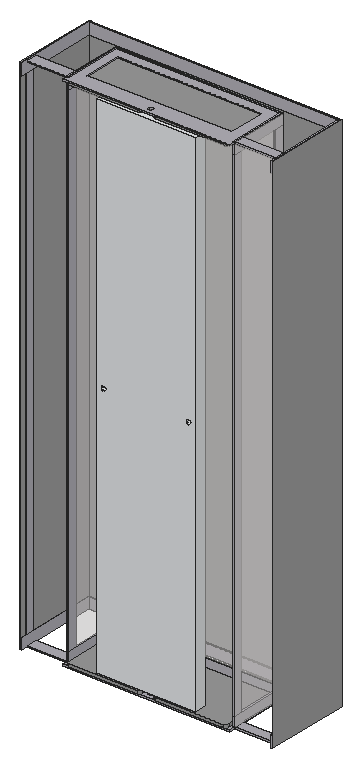
Revit family "Lighting - Lumetta - Sconce - W2093", category Lighting Fixtures, host Wall, Revit 2015
Parameters
  Wattage = 34.1318 W
  W2093 URL [instance] = "https://lumetta.com/luminaires/shadow-box-sconce/"
  built-in parameter 1150110 = 1 (stored number, unit not read)
  URL = "https://lumetta.com/luminaires/shadow-box-sconce/"
  built-in parameter 1114217 = 1 (stored number, unit not read)
  Top Lens-Material [instance] = Acrylic - 2447 - White
  Top Lens [instance] = yes
  built-in parameter 1150109 = 1 (stored number, unit not read)
  built-in parameter 1150134 = (empty or 0)
  built-in parameter 1150113 = 1 (stored number, unit not read)
  Model = "W2093"  # constant formula
  Manufacturer = "Lumetta, Inc."  # constant formula
  Lumens = 5070 lm
  built-in parameter 1150115 = 1 (stored number, unit not read)
  built-in parameter 1150105 = 403.46 (stored number, unit not read)
  Light Source Symbol Size = 0' - 1"
  built-in parameter 1150137 = (empty or 0)
  built-in parameter 1150139 = (empty or 0)
  built-in parameter 1150112 = 1 (stored number, unit not read)
  built-in parameter 1150114 = 1 (stored number, unit not read)
  built-in parameter 1150132 = 2
  built-in parameter 1150102 = (empty or 0)
  built-in parameter 1150138 = (empty or 0)
  built-in parameter 1150107 = 3000 (stored number, unit not read)
  built-in parameter 1150106 = 4.0346 (stored number, unit not read)
  Frame Finish [instance] = Paint - Lumetta - F02 - PC_Chrome
  Emit from Line Length = 1' - 10"
  built-in parameter 1150104 = 13.8 (stored number, unit not read)
  Dimming Lamp Color Temperature Shift = (empty or 0)
  Diffuser Material-Outer [instance] = Shade - Lumetta - D921 - Trans_Cool
  Diffuser Material-Inner [instance] = Shade - Lumetta - D61 - MT_White
  Description = "W2093 Shadow Box Sconce"  # constant formula
  Color Filter = 16777215
  Bottom Lens-Material [instance] = Acrylic - P95 - Etched White
  Bottom Lens [instance] = yes
  built-in parameter 1114218 = 1 (stored number, unit not read)
  built-in parameter 1150133 = 10 (stored number, unit not read)
Reference planes (in)
  plane 1: y = 0
  plane 2 "Light Source Axis (F/B)": y = 4
  plane 3 "Light Source Axis (L/R)": x = -1.43133
  plane 4 "Light Source Elevation": z = 77.42225
  plane 5 "Sconce-BTM": z = 65.42225
  plane 6 "Sconce-TOP": z = 89.42225
  plane 7 "Wall-Face": y = 3.0625
Forms (in)
  Extrusion 1, solid, material "Paint - Lumetta - F11 - PC_White"
    sketch origin (0, 3.0625, 0) x (-1, 0, 0) y (0, 0, 1)
      loop
        line (-0.81867, 89.15225) -> (-0.81867, 65.69225) -> (3.68133, 65.69225) -> (3.68133, 89.15225) -> (-0.81867, 89.15225)
      loop
        circle (3.36883, 77.42225) r 0.11
      loop
        circle (-0.50617, 77.42225) r 0.1111
    from 0 to 0.5
  Extrusion 2, solid, material "Paint - Lumetta - F02 - PC_Chrome" <- "Frame Finish"
    sketch origin (0, 0, 89.42225) x (0, 1, 0) y (-1, 0, 0)
      loop
        line (6.875, 7.11883) -> (6.875, -4.25617) -> (3.0625, -4.25617) -> (3.0625, -4.31867) -> (6.9375, -4.31867) -> (6.9375, 7.18133) -> (3.0625, 7.18133) -> (3.0625, 7.11883) -> (6.875, 7.11883)
      loop
        line (3.3125, 5.24383) -> (3.3125, 5.18133) -> (6, 5.18133) -> (6, -2.31867) -> (3.3125, -2.31867) -> (3.3125, -2.38117) -> (6.0625, -2.38117) -> (6.0625, 5.24383) -> (3.3125, 5.24383)
    from 0 to -0.51153
  Extrusion 3, solid, material "Paint - Lumetta - F02 - PC_Chrome" <- "Frame Finish"
    sketch origin (0, 0, 65.42225) x (0, 1, 0) y (-1, 0, 0)
      loop
        line (6.875, 7.11883) -> (6.875, -4.25617) -> (3.0625, -4.25617) -> (3.0625, -4.31867) -> (6.9375, -4.31867) -> (6.9375, 7.18133) -> (3.0625, 7.18133) -> (3.0625, 7.11883) -> (6.875, 7.11883)
      loop
        line (3.3125, 5.24383) -> (3.3125, 5.18133) -> (6, 5.18133) -> (6, -2.31867) -> (3.3125, -2.31867) -> (3.3125, -2.38117) -> (6.0625, -2.38117) -> (6.0625, 5.24383) -> (3.3125, 5.24383)
    from 0 to 0.5
  Extrusion 4, solid, material "Paint - Lumetta - F02 - PC_Chrome" <- "Frame Finish"
    sketch origin (0, 0, 89.42225) x (0, 1, 0) y (-1, 0, 0)
      loop
        line (3.6875, -4.25617) -> (3.3125, -4.25617) -> (3.3125, -4.31867) -> (3.6875, -4.31867) -> (3.6875, -4.25617)
      loop
        line (3.6875, 7.18133) -> (3.3125, 7.18133) -> (3.3125, 7.11883) -> (3.6875, 7.11883) -> (3.6875, 7.18133)
      loop
        line (6, -2.31867) -> (5.6875, -2.31867) -> (5.6875, -2.38117) -> (6.0625, -2.38117) -> (6.0625, -2.00617) -> (6, -2.00617) -> (6, -2.31867)
      loop
        line (6.0625, 5.24383) -> (5.6875, 5.24383) -> (5.6875, 5.18133) -> (6, 5.18133) -> (6, 4.86883) -> (6.0625, 4.86883) -> (6.0625, 5.24383)
      loop
        line (3.6875, 5.24383) -> (3.3125, 5.24383) -> (3.3125, 5.18133) -> (3.6875, 5.18133) -> (3.6875, 5.24383)
      loop
        line (3.6875, -2.31867) -> (3.3125, -2.31867) -> (3.3125, -2.38117) -> (3.6875, -2.38117) -> (3.6875, -2.31867)
    from -23.5 to -0.51153
  Extrusion 5, solid, material "Paint - Lumetta - F02 - PC_Chrome" <- "Frame Finish"
    sketch origin (0, 0, 89.42225) x (0, 1, 0) y (-1, 0, 0)
      loop
        line (6.0625, 5.24383) -> (3.8125, 5.24383) -> (3.8125, 7.11883) -> (3.3125, 7.11883) -> (3.3125, 5.24383) -> (3.0625, 5.24383) -> (3.0625, -2.38117) -> (3.3125, -2.38117) -> (3.3125, -4.25617) -> (3.8125, -4.25617) -> (3.8125, -2.38117) -> (6.0625, -2.38117) -> (6.0625, 5.24383)
      loop
        line (5.5625, 4.74383) -> (3.8125, 4.74383) -> (3.8125, -1.88117) -> (5.5625, -1.88117) -> (5.5625, 4.74383)
      loop
        circle (3.3125, 1.43133) r 0.106
    from 0 to -0.06123
  Extrusion 6, solid, material "Paint - Lumetta - F02 - PC_Chrome" <- "Frame Finish"
    sketch origin (0, 0, 65.42225) x (0, 1, 0) y (-1, 0, 0)
      loop
        line (6.0625, 5.24383) -> (3.8125, 5.24383) -> (3.8125, 7.11883) -> (3.3125, 7.11883) -> (3.3125, 5.24383) -> (3.0625, 5.24383) -> (3.0625, -2.38117) -> (3.3125, -2.38117) -> (3.3125, -4.25617) -> (3.8125, -4.25617) -> (3.8125, -2.38117) -> (6.0625, -2.38117) -> (6.0625, 5.24383)
      loop
        line (5.5625, 4.74383) -> (3.8125, 4.74383) -> (3.8125, -1.88117) -> (5.5625, -1.88117) -> (5.5625, 4.74383)
      loop
        circle (3.3125, 1.43133) r 0.106
    from 0 to 0.06762
  Extrusion 7, solid, material "Acrylic - 2447 - White" <- "Top Lens-Material", visible <- "Top Lens"
    sketch origin (0, 0, 89.42225) x (0, 1, 0) y (-1, 0, 0)
      loop
        arc (5.78125, -2.22492) -> (5.86964, -2.18831) -> (5.90625, -2.09992) r 0.125
        line (5.90625, -2.09992) -> (5.90625, 4.96258)
        arc (5.90625, 4.96258) -> (5.86964, 5.05096) -> (5.78125, 5.08758) r 0.125
        line (5.78125, 5.08758) -> (3.1875, 5.08758)
        arc (3.1875, 5.08758) -> (3.09911, 5.05096) -> (3.0625, 4.96258) r 0.125
        line (3.0625, 4.96258) -> (3.0625, 1.83758)
        arc (3.0625, 1.83758) -> (3.09911, 1.74919) -> (3.1875, 1.71258) r 0.125
        line (3.1875, 1.71258) -> (3.3125, 1.71258)
        arc (3.3125, 1.71258) -> (3.59375, 1.43133) -> (3.3125, 1.15008) r 0.28125
        line (3.3125, 1.15008) -> (3.1875, 1.15008)
        arc (3.1875, 1.15008) -> (3.09911, 1.11346) -> (3.0625, 1.02508) r 0.125
        line (3.0625, 1.02508) -> (3.0625, -2.09992)
        arc (3.0625, -2.09992) -> (3.09911, -2.18831) -> (3.1875, -2.22492) r 0.125
        line (3.1875, -2.22492) -> (5.78125, -2.22492)
    from -0.06123 to -0.12443
  Extrusion 8, solid, material "Acrylic - P95 - Etched White" <- "Bottom Lens-Material", visible <- "Bottom Lens"
    sketch origin (0, 0, 65.42225) x (0, 1, 0) y (-1, 0, 0)
      loop
        arc (5.78125, -2.22492) -> (5.86964, -2.18831) -> (5.90625, -2.09992) r 0.125
        line (5.90625, -2.09992) -> (5.90625, 4.96258)
        arc (5.90625, 4.96258) -> (5.86964, 5.05096) -> (5.78125, 5.08758) r 0.125
        line (5.78125, 5.08758) -> (3.1875, 5.08758)
        arc (3.1875, 5.08758) -> (3.09911, 5.05096) -> (3.0625, 4.96258) r 0.125
        line (3.0625, 4.96258) -> (3.0625, 1.83758)
        arc (3.0625, 1.83758) -> (3.09911, 1.74919) -> (3.1875, 1.71258) r 0.125
        line (3.1875, 1.71258) -> (3.3125, 1.71258)
        arc (3.3125, 1.71258) -> (3.59375, 1.43133) -> (3.3125, 1.15008) r 0.28125
        line (3.3125, 1.15008) -> (3.1875, 1.15008)
        arc (3.1875, 1.15008) -> (3.09911, 1.11346) -> (3.0625, 1.02508) r 0.125
        line (3.0625, 1.02508) -> (3.0625, -2.09992)
        arc (3.0625, -2.09992) -> (3.09911, -2.18831) -> (3.1875, -2.22492) r 0.125
        line (3.1875, -2.22492) -> (5.78125, -2.22492)
    from 0.184 to 0.06762
  Extrusion 9, solid, material "Shade - Lumetta - D921 - Trans_Cool" <- "Diffuser Material-Outer"
    sketch origin (0, 0, 65.42225) x (0, 1, 0) y (-1, 0, 0)
      loop
        line (3.0625, 7.18133) -> (6.9375, 7.18133) -> (6.9375, -4.31867) -> (3.0625, -4.31867) -> (3.0625, -4.34992) -> (6.96875, -4.34992) -> (6.96875, 7.21258) -> (3.0625, 7.21258) -> (3.0625, 7.18133)
    from 0 to 24
  Extrusion 10, solid, material "Shade - Lumetta - D61 - MT_White" <- "Diffuser Material-Inner"
    sketch origin (0, 0, 65.42225) x (0, 1, 0) y (-1, 0, 0)
      loop
        line (3.3125, 5.24383) -> (6.0625, 5.24383) -> (6.0625, -2.38117) -> (3.3125, -2.38117) -> (3.3125, -2.41242) -> (6.09375, -2.41242) -> (6.09375, 5.27508) -> (3.3125, 5.27508) -> (3.3125, 5.24383)
    from 0 to 24
Text (in)
  text "Placement Side" at (0, 40.15149, 123.01588), in view "Right"
  text "Placement Side" at (-70.3804, 28.46503, 0), in view "Ref. Level"
  text "Placement Side" at (0, 85.69064, 140.59947), in view "Left"
Dimensions and locks (in)
  plane 4 "Light Source Elevation" to plane 6 "Sconce-TOP" = 1' - 0"
  plane 5 "Sconce-BTM" to plane 4 "Light Source Elevation" = 1' - 0"  (x2)
  plane 6 "Sconce-TOP" to plane 4 "Light Source Elevation" = 1' - 0"
  locked: Extrusion 1 sketch curve to Extrusion 1 sketch curve at 4.5
  locked: plane 4 "Light Source Elevation" to Extrusion 1 sketch curve at 11.73
  locked: Extrusion 1 sketch curve to Extrusion 1 sketch curve at 23.46
  Extrusion 1 sketch curve to imposter light = 0' - 0"
  imposter light to Extrusion 1 sketch curve = 0' - 0"
  locked: plane 3 "Light Source Axis (L/R)" to Extrusion 1 sketch curve at 2.25
  locked: Extrusion 2 sketch curve to Extrusion 2 sketch curve at 0.0625  (x6)
  locked: Extrusion 2 sketch curve to Extrusion 2 sketch curve at 3.875  (x2)
  locked: Extrusion 2 sketch curve to Extrusion 2 sketch curve at 11.5
  locked: Extrusion 2 sketch curve to plane 3 "Light Source Axis (L/R)" at 5.75
  locked: plane 7 "Wall-Face" to Extrusion 2 sketch curve at 0
  locked: Extrusion 2 to Extrusion 2 at 0.51153
  locked: Extrusion 3 sketch curve to Extrusion 3 sketch curve at 0.0625  (x6)
  locked: Extrusion 3 sketch curve to Extrusion 3 sketch curve at 3.875  (x2)
  locked: plane 3 "Light Source Axis (L/R)" to Extrusion 3 sketch curve at 5.75
  locked: Extrusion 3 sketch curve to Extrusion 3 sketch curve at 11.5
  locked: plane 7 "Wall-Face" to Extrusion 3 sketch curve at 0
  locked: plane 5 "Sconce-BTM" to Extrusion 3 at 0.5
  locked: Extrusion 2 sketch curve to Extrusion 2 sketch curve at 2.75  (x2)
  locked: Extrusion 2 sketch curve to Extrusion 2 sketch curve at 7.625
  locked: plane 3 "Light Source Axis (L/R)" to Extrusion 2 sketch curve at 3.8125
  locked: Extrusion 2 sketch curve to plane 7 "Wall-Face" at 0.25
  locked: Extrusion 3 sketch curve to Extrusion 3 sketch curve at 2.75  (x2)
  locked: Extrusion 3 sketch curve to Extrusion 3 sketch curve at 7.625
  locked: plane 3 "Light Source Axis (L/R)" to Extrusion 3 sketch curve at 3.8125
  locked: Extrusion 3 sketch curve to plane 7 "Wall-Face" at 0.25
  locked: Extrusion 4 sketch curve to Extrusion 4 sketch curve at 0.0625  (x8)
  locked: Extrusion 4 sketch curve to Extrusion 4 sketch curve at 0.375  (x7)
  locked: Extrusion 4 sketch curve to Extrusion 4 sketch curve  (x3)
  locked: Extrusion 4 sketch curve to Extrusion 4 sketch curve at 0
  locked: Extrusion 4 sketch curve to Extrusion 4 sketch curve at 2.375  (x2)
  locked: Extrusion 4 sketch curve to Extrusion 4 sketch curve at 7.625  (x2)
  locked: Extrusion 4 sketch curve to plane 3 "Light Source Axis (L/R)" at 3.8125  (x2)
  locked: Extrusion 4 sketch curve to Extrusion 4 sketch curve at 1.9375
  locked: Extrusion 4 sketch curve to Extrusion 4 sketch curve at 11.5
  locked: Extrusion 4 sketch curve to plane 7 "Wall-Face" at 0.25
  locked: Extrusion 5 sketch curve to Extrusion 5 sketch curve at 11.375
  locked: Extrusion 5 sketch curve to Extrusion 5 sketch curve at 7.625  (x2)
  locked: Extrusion 5 sketch curve to Extrusion 5 sketch curve at 1.875  (x5)
  locked: Extrusion 5 sketch curve to Extrusion 5 sketch curve at 0.5  (x7)
  Extrusion 5 sketch curve to Extrusion 5 sketch curve = 0' - 0 1/2"
  locked: Extrusion 5 sketch curve to Extrusion 5 sketch curve at 5.6875
  locked: Extrusion 5 sketch curve to Extrusion 5 sketch curve at 0.25
  locked: Extrusion 5 sketch curve to Extrusion 5 sketch curve at 0.75
  plane 3 "Light Source Axis (L/R)" to Extrusion 5 sketch curve = 0' - 5 11/16"
  locked: plane 7 "Wall-Face" to Extrusion 5 sketch curve at 0
  locked: Extrusion 5 sketch curve to Extrusion 5 sketch curve at 3
  locked: Extrusion 5 sketch curve to Extrusion 5 sketch curve at 2.25  (x2)
  locked: plane 3 "Light Source Axis (L/R)" to Extrusion 5 sketch curve at 3.8125
  locked: Extrusion 5 to plane 6 "Sconce-TOP" at 0.06123
  locked: Extrusion 6 sketch curve to Extrusion 6 sketch curve at 11.375
  locked: Extrusion 6 sketch curve to Extrusion 6 sketch curve at 7.625  (x2)
  locked: Extrusion 6 sketch curve to Extrusion 6 sketch curve at 1.875  (x5)
  locked: Extrusion 6 sketch curve to Extrusion 6 sketch curve at 0.5  (x7)
  Extrusion 6 sketch curve to Extrusion 6 sketch curve = 0' - 0 1/2"
  locked: Extrusion 6 sketch curve to Extrusion 6 sketch curve at 5.6875
  locked: Extrusion 6 sketch curve to Extrusion 6 sketch curve at 0.25
  locked: Extrusion 6 sketch curve to Extrusion 6 sketch curve at 0.75
  locked: Extrusion 6 sketch curve to Extrusion 6 sketch curve at 3
  locked: Extrusion 6 sketch curve to Extrusion 6 sketch curve at 2.25  (x2)
  locked: plane 5 "Sconce-BTM" to Extrusion 6 at 0.06762
  locked: Extrusion 7 sketch curve to Extrusion 7 sketch curve at 7.3125
  locked: Extrusion 7 sketch curve to Extrusion 7 sketch curve at 2.84375  (x2)
  locked: Extrusion 7 sketch curve to Extrusion 7 sketch curve at 0.25
  locked: Extrusion 7 sketch curve to Extrusion 7 sketch curve at 3.65625
  locked: Extrusion 8 sketch curve to Extrusion 8 sketch curve at 7.3125
  locked: Extrusion 8 sketch curve to Extrusion 8 sketch curve at 2.84375  (x3)
  locked: Extrusion 8 sketch curve to Extrusion 8 sketch curve at 0.25
  locked: Extrusion 8 sketch curve to Extrusion 8 sketch curve at 3.65625
  locked: Extrusion 6 to Extrusion 8 at 0.11638
  locked: Extrusion 6 sketch curve to host wall at 0
  locked: Extrusion 8 sketch curve to plane 7 "Wall-Face" at 2.84375
  Extrusion 8 sketch curve to Extrusion 7 = 0' - 0"
  locked: plane 7 "Wall-Face" to Extrusion 7 sketch curve at 2.84375
  Extrusion 9 to plane 3 "Light Source Axis (L/R)" = 0' - 5 3/4"
  locked: Extrusion 9 sketch curve to plane 7 "Wall-Face" at 3.90625  (x2)
  locked: Extrusion 9 sketch curve to Extrusion 9 sketch curve at 3.90625  (x2)
  locked: Extrusion 2 to Extrusion 9 sketch curve at 0.03125
  locked: Extrusion 9 sketch curve to Extrusion 2 at 0.03125
  locked: Extrusion 9 sketch curve to Extrusion 3 at 0.03125
  locked: Extrusion 9 sketch curve to Extrusion 9 sketch curve at 0.03125
  locked: Extrusion 10 sketch curve to Extrusion 10 sketch curve at 0.03125  (x3)
  locked: Extrusion 10 sketch curve to Extrusion 5 at 0.03125
  locked: Extrusion 10 sketch curve to Extrusion 10 sketch curve at 7.6875
  locked: plane 3 "Light Source Axis (L/R)" to Extrusion 10 sketch curve at 3.84375
  locked: plane 7 "Wall-Face" to Extrusion 10 sketch curve at 3
  locked: plane 7 "Wall-Face" to Extrusion 10 sketch curve at 0.25  (x2)
  locked: imposter light to plane 3 "Light Source Axis (L/R)" (angle 90.00°)
  aligned: level to host wall
  aligned and locked: plane 2 "Light Source Axis (F/B)" to imposter light
  aligned and locked: host wall to plane 7 "Wall-Face"
  aligned and locked: plane 6 "Sconce-TOP" to Extrusion 2
  aligned and locked: Extrusion 3 to plane 5 "Sconce-BTM"
  aligned and locked: Extrusion 4 to Extrusion 3
  aligned and locked: Extrusion 4 to Extrusion 2
  aligned and locked: Extrusion 8 to Extrusion 6
  aligned and locked: Extrusion 9 to plane 5 "Sconce-BTM"
  aligned and locked: plane 6 "Sconce-TOP" to Extrusion 10
  aligned and locked: Extrusion 10 to plane 5 "Sconce-BTM"
